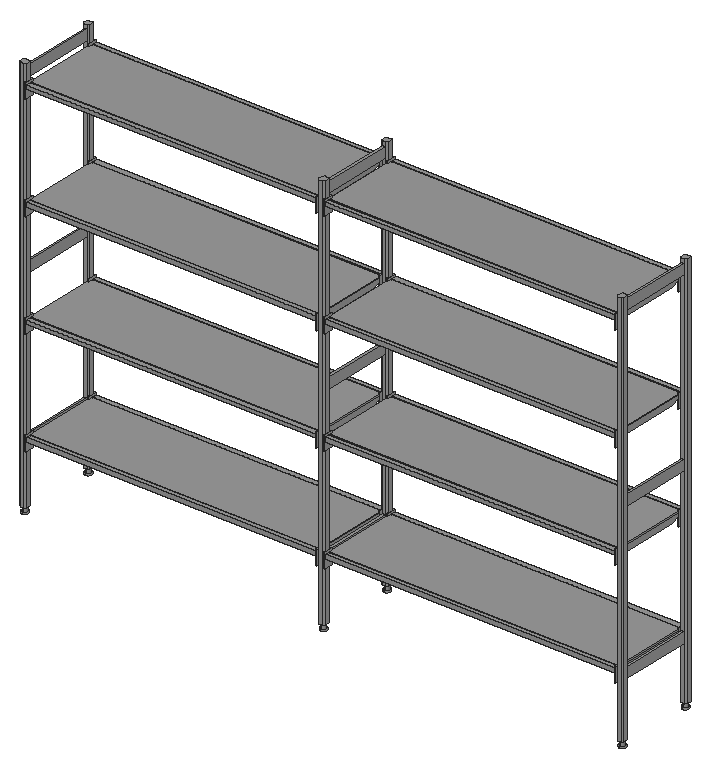
Revit family "QF_ZANUSSI_137027_ALS2580", category Attrezzature speciali, Revit 2020
Family settings
  Quota connettore circolare = Usa diametro
  Tipo di parte = Normale
  Basato su piano di lavoro = No
  Sempre verticale = Sì
  Taglio con vuoti quando caricato = No
  Condiviso = No
  Punto di calcolo locali = No
Parameters (values of type "Standard")
  Weight = 41.00 kg
  Watts = 0 W
  Volts = 0 V
  URL Manufacturer = "http://www.zanussiprofessional.com"
  URL = "http://www.zanussiprofessional.com"
  Steam Supply Size = 0 mm
  Steam Supply Minimum Pressure = 0.0 Pa
  Steam Supply Maximum Pressure = 0.0 Pa
  Steam Consumption per Hour = 0
  Refrigeration Suction Line Size = 0.0 mm
  Refrigeration Liquid Line Size = 0.0 mm
  Refrigerant Compressor Remote = yes
  Prospetto di default = 0.0 mm
  Phase = 0
  Modello = "ALS2580"
  Produttore = "Zanussi"
  Length Actual = 2580.0 mm  # constant formula
  Item Number = "137027"
  Hot Water Size = 0 mm
  Height Actual = 1700.0 mm  # constant formula
  HP = "0 HP"
  Gas Size = 0 mm
  Gas KW = 0
  Gas Input Pressure = 0 W
  Direct Waste Size = 0 mm
  Descrizione = "ALUM.LINEAR SHELV.-POLY.TIERS-373X2580MM"
  Depth Actual = 373.0 mm  # constant formula
  Cycle = 0 Hz
  Condensate Return Size = 0 mm
  Compressed Air Volume = 0.0 L/s
  Compressed Air Size = 0 mm
  Compressed Air Pressure = 0.0 Pa
  Cold Water Size = 0 mm
  Accessory = yes
Reference planes
  plane 1: z = 0
  plane 2 "CenterLeft": x = -31
  plane 3 "LEFT": x = -417
  plane 4 "BACK": y = 23
  plane 5 "FRONT": y = -350
  plane 6 "TOP": z = 1700
  plane 7: x = -385
  plane 8: x = 855
  plane 9 "Center (Front/Back)": y = -163.5
  plane 10: y = -8.5
  plane 11: y = -318.5
  plane 12 "FEET": z = 25
  plane 13: z = 275
  plane 14: z = 725
  plane 15: z = 1175
  plane 16: z = 1625
  plane 17 "CXLeft": x = -403
  plane 18 "Center (Left/Right)": x = 873
  plane 19: y = 5.5
  plane 20 "CYBack": y = 5.5
  plane 21 "CYFront": y = -332.5
  plane 22 "RIGHT": x = 2163
  plane 23: x = 2131
  plane 24 "CXRight": x = 2149
  plane 25: x = 891
Forms (mm)
  Extrusion 1, solid, material "QF_Aluminum"
    sketch origin (-417, 0, -4.006) x (0, 1, 0) y (0, 0, 1)
      loop
        line (-12, 1637.003) -> (4, 1637.003) -> (4, 1655) -> (2.007, 1655) -> (2.007, 1648.501) -> (-329, 1648.501) -> (-329, 1655) -> (-331, 1655) -> (-331, 1637.003) -> (-315, 1637.003) -> (-281, 1625) -> (-46, 1625) -> (-12, 1637.003)
      loop
        line (-12, 1187.003) -> (4, 1187.003) -> (4, 1205) -> (2.007, 1205) -> (2.007, 1198.501) -> (-329, 1198.501) -> (-329, 1205) -> (-331, 1205) -> (-331, 1187.003) -> (-315, 1187.003) -> (-281, 1175) -> (-46, 1175) -> (-12, 1187.003)
      loop
        line (-12, 737.003) -> (4, 737.003) -> (4, 755) -> (2.007, 755) -> (2.007, 748.501) -> (-329, 748.501) -> (-329, 755) -> (-331, 755) -> (-331, 737.003) -> (-315, 737.003) -> (-281, 725) -> (-46, 725) -> (-12, 737.003)
      loop
        line (-12, 287.003) -> (4, 287.003) -> (4, 305) -> (2.007, 305) -> (2.007, 298.501) -> (-329, 298.501) -> (-329, 305) -> (-331, 305) -> (-331, 287.003) -> (-315, 287.003) -> (-281, 275) -> (-46, 275) -> (-12, 287.003)
    from 37 to 32
  Extrusion 2, solid, material "QF_Aluminum"
    sketch origin (-417, 0, 0) x (0, 1, 0) y (0, 0, 1)
      loop
        line (23, 246.005) -> (23, 307.993) -> (-12.993, 307.993) -> (-12.993, 246.005) -> (23, 246.005)
      loop
        line (-350, 246.005) -> (-314.007, 246.005) -> (-314.007, 307.993) -> (-350, 307.993) -> (-350, 246.005)
      loop
        line (23, 696.005) -> (23, 757.993) -> (-12.993, 757.993) -> (-12.993, 696.005) -> (23, 696.005)
      loop
        line (-350, 696.005) -> (-314.007, 696.005) -> (-314.007, 757.993) -> (-350, 757.993) -> (-350, 696.005)
      loop
        line (23, 1146.005) -> (23, 1207.993) -> (-12.993, 1207.993) -> (-12.993, 1146.005) -> (23, 1146.005)
      loop
        line (-350, 1146.005) -> (-314.007, 1146.005) -> (-314.007, 1207.993) -> (-350, 1207.993) -> (-350, 1146.005)
      loop
        line (23, 1596.005) -> (23, 1657.993) -> (-12.993, 1657.993) -> (-12.993, 1596.005) -> (23, 1596.005)
      loop
        line (-350, 1596.005) -> (-314.007, 1596.005) -> (-314.007, 1657.993) -> (-350, 1657.993) -> (-350, 1596.005)
    from 28 to 32
  Extrusion 3, solid, material "QF_Aluminum"
    sketch origin (-417, 0, 0) x (0, 1, 0) y (0, 0, 1)
      loop
        line (4, 1650.994) -> (4, 1632.998) -> (23, 1632.998) -> (23, 1650.994) -> (4, 1650.994)
      loop
        line (-331, 1650.994) -> (-350, 1650.994) -> (-350, 1632.998) -> (-331, 1632.998) -> (-331, 1650.994)
      loop
        line (4, 1200.994) -> (4, 1182.998) -> (23, 1182.998) -> (23, 1200.994) -> (4, 1200.994)
      loop
        line (-331, 1200.994) -> (-350, 1200.994) -> (-350, 1182.998) -> (-331, 1182.998) -> (-331, 1200.994)
      loop
        line (4, 750.994) -> (4, 732.998) -> (23, 732.998) -> (23, 750.994) -> (4, 750.994)
      loop
        line (-331, 750.994) -> (-350, 750.994) -> (-350, 732.998) -> (-331, 732.998) -> (-331, 750.994)
      loop
        line (4, 300.994) -> (4, 282.998) -> (23, 282.998) -> (23, 300.994) -> (4, 300.994)
      loop
        line (-331, 300.994) -> (-350, 300.994) -> (-350, 282.998) -> (-331, 282.998) -> (-331, 300.994)
    from 32 to 1272
  Extrusion 4, solid, material "QF_Polyethylene"
    sketch origin (-417, 0, 0) x (0, 1, 0) y (0, 0, 1)
      loop
        line (2.007, 1650.994) -> (-329, 1650.994) -> (-329, 1644.496) -> (2.007, 1644.496) -> (2.007, 1650.994)
      loop
        line (2.007, 1200.994) -> (-329, 1200.994) -> (-329, 1194.496) -> (2.007, 1194.496) -> (2.007, 1200.994)
      loop
        line (2.007, 750.994) -> (-329, 750.994) -> (-329, 744.496) -> (2.007, 744.496) -> (2.007, 750.994)
      loop
        line (2.007, 300.994) -> (-329, 300.994) -> (-329, 294.496) -> (2.007, 294.496) -> (2.007, 300.994)
    from 32 to 1272
  Extrusion 5, solid, material "QF_Aluminum"
    sketch origin (2163, 0, 0) x (0, 1, 0) y (0, 0, 1)
      loop
        line (4, 1650.994) -> (4, 1632.998) -> (23, 1632.998) -> (23, 1650.994) -> (4, 1650.994)
      loop
        line (-331, 1650.994) -> (-350, 1650.994) -> (-350, 1632.998) -> (-331, 1632.998) -> (-331, 1650.994)
      loop
        line (4, 1200.994) -> (4, 1182.998) -> (23, 1182.998) -> (23, 1200.994) -> (4, 1200.994)
      loop
        line (-331, 1200.994) -> (-350, 1200.994) -> (-350, 1182.998) -> (-331, 1182.998) -> (-331, 1200.994)
      loop
        line (4, 750.994) -> (4, 732.998) -> (23, 732.998) -> (23, 750.994) -> (4, 750.994)
      loop
        line (-331, 750.994) -> (-350, 750.994) -> (-350, 732.998) -> (-331, 732.998) -> (-331, 750.994)
      loop
        line (4, 300.994) -> (4, 282.998) -> (23, 282.998) -> (23, 300.994) -> (4, 300.994)
      loop
        line (-331, 300.994) -> (-350, 300.994) -> (-350, 282.998) -> (-331, 282.998) -> (-331, 300.994)
    from -32 to -1272
  Extrusion 6, solid, material "QF_Polyethylene"
    sketch origin (2163, 0, 0) x (0, 1, 0) y (0, 0, 1)
      loop
        line (2.007, 1650.994) -> (-329, 1650.994) -> (-329, 1644.496) -> (2.007, 1644.496) -> (2.007, 1650.994)
      loop
        line (2.007, 1200.994) -> (-329, 1200.994) -> (-329, 1194.496) -> (2.007, 1194.496) -> (2.007, 1200.994)
      loop
        line (2.007, 750.994) -> (-329, 750.994) -> (-329, 744.496) -> (2.007, 744.496) -> (2.007, 750.994)
      loop
        line (2.007, 300.994) -> (-329, 300.994) -> (-329, 294.496) -> (2.007, 294.496) -> (2.007, 300.994)
    from -32 to -1272
Lines and regions (mm)
  symbolic lines
    curve 1: line (855, 4, 1700) -> (-385, 4, 1700)
    curve 2: line (-408, -8.5, 1700) -> (-408, -318.5, 1700)
    curve 3: line (-398, -318.5, 1700) -> (-398, -8.5, 1700)
    curve 4: line (-389, 23, 1700) -> (859, 23, 1700)
    curve 5: line (-385, -350, 1700) -> (855, -350, 1700)
    curve 6: line (887, 23, 1700) -> (2135, 23, 1700)
    curve 7: line (887, -350, 1700) -> (2135, -350, 1700)
    curve 8: line (-385, -331, 1700) -> (855, -331, 1700)
    curve 9: line (891, -331, 1700) -> (2131, -331, 1700)
    curve 10: line (891, 4, 1700) -> (2131, 4, 1700)
    curve 11: line (2131, -12.993, 1700) -> (2131, -314.007, 1700)
    curve 12: line (855, -12.993, 1700) -> (855, -314.007, 1700)
    curve 13: line (891, -314.007, 1700) -> (891, -12.993, 1700)
    curve 14: line (-385, -12.993, 1700) -> (-385, -314.007, 1700)
Dimensions and locks
  plane 3 "LEFT" to plane 2 "CenterLeft" = 386.0 mm
  locked: plane 6 "TOP" to level at 1700
  locked: plane 4 "BACK" to plane 5 "FRONT" at 373
  locked: plane 7 to plane 8 at 1240
  locked: plane 10 to plane 11 at 310
  equal spacing: plane 10, plane 9 "Center (Front/Back)", plane 11
  equal spacing: plane 4 "BACK", plane 9 "Center (Front/Back)", plane 5 "FRONT"
  plane 12 "FEET" to level = 25.0 mm
  plane 6 "TOP" to plane 12 "FEET" = 1675.0 mm
  plane 13 to plane 12 "FEET" = 250.0 mm
  plane 14 to plane 13 = 450.0 mm
  plane 15 to plane 14 = 450.0 mm
  plane 16 to plane 15 = 450.0 mm
  locked: plane 4 "BACK" to plane 20 "CYBack" at 17.5
  locked: plane 21 "CYFront" to plane 5 "FRONT" at 17.5
  locked: plane 4 "BACK" to Extrusion 1 at 19
  locked: Extrusion 1 to plane 5 "FRONT" at 19
  Extrusion 1 sketch curve to plane 21 "CYFront" = 3.5 mm
  plane 3 "LEFT" to plane 22 "RIGHT" = 2580.0 mm
  locked: plane 25 to plane 23 at 1240
  locked: plane 8 to plane 18 "Center (Left/Right)" at 18
  locked: plane 18 "Center (Left/Right)" to plane 25 at 18
  locked: plane 3 "LEFT" to plane 7 at 32
  locked: plane 24 "CXRight" to plane 22 "RIGHT" at 14
  aligned and locked: level to plane 1
  aligned and locked: plane 7 to Extrusion 1
  aligned and locked: Extrusion 2 to plane 7
  aligned and locked: plane 7 to Extrusion 4
  aligned and locked: Extrusion 4 to plane 8
  aligned and locked: plane 7 to Extrusion 3
  aligned and locked: Extrusion 3 to plane 8
  aligned and locked: Extrusion 3 sketch curve to Extrusion 1
  aligned and locked: Extrusion 1 to Extrusion 3 sketch curve
  aligned and locked: Extrusion 3 sketch curve to Extrusion 3 sketch curve  (x2)
  aligned and locked: Extrusion 1 sketch curve to Extrusion 1 sketch curve  (x3)
  aligned and locked: Extrusion 4 sketch curve to Extrusion 1  (x4)
  aligned and locked: Extrusion 5 sketch curve to Extrusion 5 sketch curve  (x2)
  aligned and locked: Extrusion 5 to plane 25
  aligned and locked: Extrusion 6 to plane 25
  aligned and locked: plane 18 "Center (Left/Right)" to nested 3
  aligned and locked: plane 17 "CXLeft" to nested 1
  aligned and locked: Extrusion 3 to plane 7  (x3)
  aligned and locked: plane 8 to Extrusion 3  (x4)
  aligned and locked: plane 25 to Extrusion 5  (x4)
  aligned and locked: plane 25 to Extrusion 6  (x4)
  aligned and locked: plane 8 to Extrusion 4  (x4)
  aligned and locked: plane 24 "CXRight" to nested 2
  aligned and locked: Extrusion 5 to plane 23
  aligned and locked: Extrusion 6 to plane 23
  aligned and locked: plane 23 to Extrusion 5  (x3)
  aligned and locked: plane 23 to Extrusion 6  (x3)
Automatic sketch dimensions
  plane 21 "CYFront" to Extrusion 1 sketch curve = 1.5 mm  (x4)
  plane 11 to Extrusion 1 sketch curve = 3.5 mm  (x4)
  Extrusion 1 sketch curve to plane 13 = 4.006 mm
  Extrusion 1 sketch curve to Extrusion 1 sketch curve = 34.0 mm  (x4)
  Extrusion 1 sketch curve to plane 14 = 4.006 mm
  Extrusion 1 sketch curve to plane 15 = 4.006 mm
  Extrusion 1 sketch curve to plane 16 = 4.006 mm
  Extrusion 1 sketch curve to plane 10 = 37.5 mm  (x4)
  Extrusion 1 sketch curve to plane 10 = 3.5 mm  (x4)
  plane 19 to Extrusion 1 sketch curve = 3.493 mm  (x4)
  plane 19 to Extrusion 1 sketch curve = 1.5 mm  (x4)
  plane 13 to Extrusion 1 sketch curve = 7.998 mm  (x2)
  Extrusion 1 sketch curve to Extrusion 1 sketch curve = 11.498 mm  (x4)
  Extrusion 1 sketch curve to Extrusion 1 sketch curve = 6.499 mm  (x8)
  plane 14 to Extrusion 1 sketch curve = 7.998 mm  (x2)
  plane 15 to Extrusion 1 sketch curve = 7.998 mm  (x2)
  plane 16 to Extrusion 1 sketch curve = 7.998 mm  (x2)
  Extrusion 2 sketch curve to plane 5 "FRONT" = 0.0 mm  (x4)
  Extrusion 2 sketch curve to plane 4 "BACK" = 0.0 mm  (x4)
  plane 11 to Extrusion 2 sketch curve = 4.493 mm  (x4)
  Extrusion 2 sketch curve to plane 10 = 4.493 mm  (x4)
  Extrusion 2 sketch curve to plane 13 = 28.995 mm  (x2)
  plane 13 to Extrusion 2 sketch curve = 32.993 mm  (x2)
  Extrusion 2 sketch curve to plane 14 = 28.995 mm  (x2)
  plane 14 to Extrusion 2 sketch curve = 32.993 mm  (x2)
  Extrusion 2 sketch curve to plane 15 = 28.995 mm  (x2)
  plane 15 to Extrusion 2 sketch curve = 32.993 mm  (x2)
  Extrusion 2 sketch curve to plane 16 = 28.995 mm  (x2)
  plane 16 to Extrusion 2 sketch curve = 32.993 mm  (x2)
  Extrusion 3 sketch curve to plane 5 "FRONT" = 0.0 mm  (x4)
  Extrusion 3 sketch curve to plane 4 "BACK" = 0.0 mm  (x4)
  plane 19 to Extrusion 3 sketch curve = 1.5 mm  (x4)
  plane 13 to Extrusion 3 sketch curve = 7.998 mm  (x2)
  Extrusion 3 sketch curve to Extrusion 3 sketch curve = 17.997 mm  (x8)
  plane 14 to Extrusion 3 sketch curve = 7.998 mm  (x2)
  plane 15 to Extrusion 3 sketch curve = 7.998 mm  (x2)
  plane 16 to Extrusion 3 sketch curve = 7.998 mm  (x2)
  plane 19 to Extrusion 4 sketch curve = 3.493 mm  (x4)
  plane 13 to Extrusion 4 sketch curve = 19.496 mm
  Extrusion 4 sketch curve to Extrusion 4 sketch curve = 6.499 mm  (x4)
  plane 14 to Extrusion 4 sketch curve = 19.496 mm
  plane 15 to Extrusion 4 sketch curve = 19.496 mm
  plane 16 to Extrusion 4 sketch curve = 19.496 mm
  Extrusion 5 sketch curve to plane 5 "FRONT" = 0.0 mm  (x4)
  Extrusion 5 sketch curve to plane 4 "BACK" = 0.0 mm  (x4)
  plane 21 "CYFront" to Extrusion 5 sketch curve = 1.5 mm  (x2)
  plane 19 to Extrusion 5 sketch curve = 1.5 mm  (x4)
  plane 13 to Extrusion 5 sketch curve = 7.998 mm  (x2)
  Extrusion 5 sketch curve to Extrusion 5 sketch curve = 17.997 mm  (x8)
  plane 14 to Extrusion 5 sketch curve = 7.998 mm  (x2)
  plane 15 to Extrusion 5 sketch curve = 7.998 mm  (x2)
  plane 16 to Extrusion 5 sketch curve = 7.998 mm  (x2)
  plane 21 "CYFront" to Extrusion 6 sketch curve = 3.5 mm  (x4)
  plane 19 to Extrusion 6 sketch curve = 3.493 mm  (x4)
  plane 13 to Extrusion 6 sketch curve = 19.496 mm
  Extrusion 6 sketch curve to Extrusion 6 sketch curve = 6.499 mm  (x4)
  plane 14 to Extrusion 6 sketch curve = 19.496 mm
  plane 15 to Extrusion 6 sketch curve = 19.496 mm
  plane 16 to Extrusion 6 sketch curve = 19.496 mm
  curve 7 to plane 5 "FRONT" = 0.0 mm
  curve 5 to plane 5 "FRONT" = 0.0 mm
  curve 8 to plane 8 = 0.0 mm
  curve 9 to plane 25 = 0.0 mm
  curve 9 to plane 23 = 0.0 mm
  curve 8 to plane 7 = 0.0 mm
  curve 2 to plane 11 = 0.0 mm
  curve 3 to plane 11 = 0.0 mm
  curve 14 to plane 7 = 0.0 mm
  curve 13 to plane 25 = 0.0 mm
  curve 12 to plane 8 = 0.0 mm
  curve 11 to plane 23 = 0.0 mm
  curve 3 to plane 10 = 0.0 mm
  curve 2 to plane 10 = 0.0 mm
  curve 1 to plane 8 = 0.0 mm
  curve 1 to plane 7 = 0.0 mm
  curve 10 to plane 23 = 0.0 mm
  curve 10 to plane 25 = 0.0 mm
  curve 4 to plane 4 "BACK" = 0.0 mm
  curve 6 to plane 4 "BACK" = 0.0 mm
  curve 5 to plane 8 = 0.0 mm
  curve 5 to plane 7 = 0.0 mm
  plane 21 "CYFront" to curve 8 = 1.5 mm
  plane 21 "CYFront" to curve 9 = 1.5 mm
  plane 11 to curve 14 = 4.493 mm
  plane 11 to curve 13 = 4.493 mm
  plane 11 to curve 12 = 4.493 mm
  plane 11 to curve 11 = 4.493 mm
  curve 14 to plane 10 = 4.493 mm
  curve 13 to plane 10 = 4.493 mm
  curve 12 to plane 10 = 4.493 mm
  curve 11 to plane 10 = 4.493 mm
  plane 19 to curve 1 = 1.5 mm
  plane 19 to curve 10 = 1.5 mm
  curve 6 to plane 23 = 4.0 mm
  curve 7 to plane 23 = 4.0 mm
  curve 6 to plane 25 = 4.0 mm
  curve 7 to plane 25 = 4.0 mm
  curve 4 to plane 8 = 4.0 mm
  plane 7 to curve 4 = 4.0 mm
  plane 17 "CXLeft" to curve 3 = 5.0 mm
  curve 2 to plane 17 "CXLeft" = 5.0 mm
Nested families
  nested 1: "WT_Anta373" at (0, 0, 0), type "WT_Anta373"
  nested 2: "WT_Anta373" at (1746, 0, 0) x (-1, 0, 0) z (0, 0, 1), type "WT_Anta373"
  nested 3: "WT_Anta373Center" at (1276, 0, 0), type "WT_Anta373Center"
Definition of nested family "WT_Anta373"
  Parameters
    WidthLeft = A + 64.0 mm  # 772.0 mm
    Width = 1606.0 mm
    Right = WidthLeft / 2  # 386.0 mm
    Default Elevation = 0.0 mm
    Left = -WidthLeft / 2  # -386.0 mm
    Height = 1725.0 mm
    FEET = 25.0 mm
    E = 0.0 mm
    Dint = Depth - 63.0 mm  # 310.0 mm
    Dext = Depth - 8.0 mm  # 365.0 mm
    Depth = 373.0 mm
    DX = (WidthLeft - A) / 2  # 32.0 mm
    B = 798.0 mm
    A = 708.0 mm
  Reference planes
    plane 1: z = 0
    plane 2 "LEFT": x = -417
    plane 3 "BACK": y = 23
    plane 4 "FRONT": y = -350
    plane 5 "TOP": z = 1725
    plane 6 "Center (Front/Back)": y = -163.5
    plane 7: y = -8.5
    plane 8: y = -318.5
    plane 9 "FEET": z = 25
    plane 10: z = 275
    plane 11: z = 725
    plane 12: z = 1175
    plane 13: z = 1625
    plane 14 "CXLeft": x = -403
    plane 15: y = 5.5
    plane 16 "CYBack": y = 5.5
    plane 17 "CYFront": y = -332.5
    plane 18: x = -385.031
    plane 19: x = -380.031
  Forms (mm)
    Extrusion 1, solid
      sketch origin (0, 0, 0) x (1, 0, 0) y (0, 1, 0)
        loop
          line (-417, 13.246) -> (-417, -2.246) -> (-410.746, -8.5) -> (-395.254, -8.5) -> (-389, -2.246) -> (-389, 13.246) -> (-395.254, 19.5) -> (-410.746, 19.5) -> (-417, 13.246)
      from 1725 to 25
    Extrusion 2, solid
      sketch origin (-417, 0, 0) x (0, 1, 0) y (0, 0, 1)
        loop
          line (23, 246.005) -> (23, 307.993) -> (-12.993, 307.993) -> (-12.993, 246.005) -> (23, 246.005)
        loop
          line (-350, 246.005) -> (-314.007, 246.005) -> (-314.007, 307.993) -> (-350, 307.993) -> (-350, 246.005)
        loop
          line (23, 696.005) -> (23, 757.993) -> (-12.993, 757.993) -> (-12.993, 696.005) -> (23, 696.005)
        loop
          line (-350, 696.005) -> (-314.007, 696.005) -> (-314.007, 757.993) -> (-350, 757.993) -> (-350, 696.005)
        loop
          line (23, 1146.005) -> (23, 1207.993) -> (-12.993, 1207.993) -> (-12.993, 1146.005) -> (23, 1146.005)
        loop
          line (-350, 1146.005) -> (-314.007, 1146.005) -> (-314.007, 1207.993) -> (-350, 1207.993) -> (-350, 1146.005)
        loop
          line (23, 1596.005) -> (23, 1657.993) -> (-12.993, 1657.993) -> (-12.993, 1596.005) -> (23, 1596.005)
        loop
          line (-350, 1596.005) -> (-314.007, 1596.005) -> (-314.007, 1657.993) -> (-350, 1657.993) -> (-350, 1596.005)
      from 28 to 32
    Revolve 3, solid
      sketch origin (-403, 0, 0) x (0, 1, 0) y (0, 0, 1)
        loop
          line (5.5, 25) -> (5.5, 0) -> (19, 0) -> (19, 5) -> (14, 5) -> (14, 25) -> (5.5, 25)
        axis (5.5, 25) -> (5.5, 0)
      angle from 0 to 360
    Extrusion 4, solid
      sketch origin (-403, 0, 0) x (0, 1, 0) y (0, 0, 1)
        loop
          line (-8.5, 912.382) -> (-8.5, 957.374) -> (-318.5, 957.374) -> (-318.5, 912.382) -> (-8.5, 912.382)
        loop
          line (-8.5, 1662.244) -> (-8.5, 1707.236) -> (-318.5, 1707.236) -> (-318.5, 1662.244) -> (-8.5, 1662.244)
      from -5 to 5
    Revolve 5, solid
      sketch origin (-403, -627, 0) x (0, -1, 0) y (0, 0, 1)
        loop
          line (-294.5, 25) -> (-294.5, 0) -> (-281, 0) -> (-281, 5) -> (-286, 5) -> (-286, 25) -> (-294.5, 25)
        axis (-294.5, 25) -> (-294.5, 0)
      angle from 0 to 360
    Extrusion 6, solid
      sketch origin (0, -627, 0) x (1, 0, 0) y (0, 1, 0)
        loop
          line (-417, 286.754) -> (-410.746, 280.5) -> (-395.254, 280.5) -> (-389, 286.754) -> (-389, 302.246) -> (-395.254, 308.5) -> (-410.746, 308.5) -> (-417, 302.246) -> (-417, 286.754)
      from 1725 to 25
    Extrusion 7, solid
      sketch origin (-417.031, -0.022, 0) x (0, 1, 0) y (0, 0, -1)
        loop
          line (-12, -1632.998) -> (-46, -1620.994) -> (-281, -1620.994) -> (-315, -1632.998) -> (-331, -1632.998) -> (-331, -1650.994) -> (-329, -1650.994) -> (-329, -1644.496) -> (2.007, -1644.496) -> (2.007, -1650.994) -> (4, -1650.994) -> (4, -1632.998) -> (-12, -1632.998)
        loop
          line (-12, -1182.998) -> (-46, -1170.994) -> (-281, -1170.994) -> (-315, -1182.998) -> (-331, -1182.998) -> (-331, -1200.994) -> (-329, -1200.994) -> (-329, -1194.496) -> (2.007, -1194.496) -> (2.007, -1200.994) -> (4, -1200.994) -> (4, -1182.998) -> (-12, -1182.998)
        loop
          line (-12, -732.998) -> (-46, -720.994) -> (-281, -720.994) -> (-315, -732.998) -> (-331, -732.998) -> (-331, -750.994) -> (-329, -750.994) -> (-329, -744.496) -> (2.007, -744.496) -> (2.007, -750.994) -> (4, -750.994) -> (4, -732.998) -> (-12, -732.998)
        loop
          line (-12, -282.998) -> (-46, -270.994) -> (-281, -270.994) -> (-315, -282.998) -> (-331, -282.998) -> (-331, -300.994) -> (-329, -300.994) -> (-329, -294.496) -> (2.007, -294.496) -> (2.007, -300.994) -> (4, -300.994) -> (4, -282.998) -> (-12, -282.998)
      from -32 to -37
    Extrusion 8, solid
      sketch origin (-403, 0, -659.878) x (0, 1, 0) y (0, 0, 1)
        loop
          line (-8.5, 912.382) -> (-8.5, 957.374) -> (-318.5, 957.374) -> (-318.5, 912.382) -> (-8.5, 912.382)
        loop
          line (-8.5, 1572.382) -> (-8.5, 1617.374) -> (-318.5, 1617.374) -> (-318.5, 1572.382) -> (-8.5, 1572.382)
        loop
          line (-8.5, 2322.382) -> (-8.5, 2367.374) -> (-318.5, 2367.374) -> (-318.5, 2322.382) -> (-8.5, 2322.382)
      from -5 to 5
  Lines and regions (mm)
    symbolic lines
      curve 1: line (-408, -8.5, 1725) -> (-408, -318.5, 1725)
      curve 2: line (-398, -318.5, 1725) -> (-398, -8.5, 1725)
      curve 3: line (-395.254, -8.5, 1725) -> (-410.746, -8.5, 1725)
      curve 4: line (-417, -2.246, 1725) -> (-410.746, -8.5, 1725)
      curve 5: line (-417, 13.246, 1725) -> (-417, -2.246, 1725)
      curve 6: line (-410.746, 19.5, 1725) -> (-417, 13.246, 1725)
      curve 7: line (-395.254, 19.5, 1725) -> (-410.746, 19.5, 1725)
      curve 8: line (-389, 13.246, 1725) -> (-395.254, 19.5, 1725)
      curve 9: line (-395.254, -8.5, 1725) -> (-389, -2.246, 1725)
      curve 10: line (-395.254, -318.5, 1725) -> (-410.746, -318.5, 1725)
      curve 11: line (-417, -324.754, 1725) -> (-410.746, -318.5, 1725)
      curve 12: line (-410.746, -346.5, 1725) -> (-417, -340.246, 1725)
      curve 13: line (-395.254, -346.5, 1725) -> (-410.746, -346.5, 1725)
      curve 14: line (-389, -340.246, 1725) -> (-395.254, -346.5, 1725)
      curve 15: line (-395.254, -318.5, 1725) -> (-389, -324.754, 1725)
      curve 16: line (-389, -350, 1725) -> (-389, -314.007, 1725)
      curve 17: line (-389, -314.007, 1725) -> (-385, -314.007, 1725)
      curve 18: line (-389, 23, 1725) -> (-389, -12.993, 1725)
      curve 19: line (-389, -12.993, 1725) -> (-385, -12.993, 1725)
      curve 20: line (-417, -324.754, 1725) -> (-417, -340.246, 1725)
      curve 21: line (-385, -350, 1725) -> (-385, -314.007, 1725)
      curve 22: line (-385, -350, 1725) -> (-389, -350, 1725)
      curve 23: line (-385, 23, 1725) -> (-389, 23, 1725)
      curve 24: line (-385, -12.993, 1725) -> (-385, 23, 1725)
      curve 25: line (-385.031, -13.016, 1725) -> (-385.031, -314.029, 1725)
  Dimensions and locks
    "Height": plane 5 "TOP" to level
    "Depth": plane 3 "BACK" to plane 4 "FRONT"
    "Dint": plane 7 to plane 8
    equal spacing: plane 7, plane 6 "Center (Front/Back)", plane 8
    equal spacing: plane 3 "BACK", plane 6 "Center (Front/Back)", plane 4 "FRONT"
    plane 9 "FEET" to level = 25.0 mm
    plane 5 "TOP" to plane 9 "FEET" = 1700.0 mm
    plane 10 to plane 9 "FEET" = 250.0 mm
    plane 11 to plane 10 = 450.0 mm
    plane 12 to plane 11 = 450.0 mm
    plane 13 to plane 12 = 450.0 mm
    locked: plane 2 "LEFT" to plane 14 "CXLeft" at 14
    locked: plane 3 "BACK" to plane 16 "CYBack" at 17.5
    locked: plane 17 "CYFront" to plane 4 "FRONT" at 17.5
    locked: Revolve 3 sketch curve to Revolve 3 sketch curve at 8.5
    locked: Revolve 3 sketch curve to plane 16 "CYBack" at 13.5
    locked: Revolve 5 sketch curve to Revolve 5 sketch curve at 8.5
    aligned and locked: level to plane 1
    aligned and locked: curve 20 to Extrusion 6
    aligned and locked: plane 5 "TOP" to Extrusion 1
    aligned and locked: plane 5 "TOP" to Extrusion 6
    aligned and locked: Extrusion 7 sketch curve to Extrusion 7 sketch curve  (x3)
  Automatic sketch dimensions
    curve 16 to plane 4 "FRONT" = 0.0 mm
    curve 11 to plane 8 = 0.0 mm
    curve 9 to plane 7 = 0.0 mm
    curve 5 to plane 2 "LEFT" = 0.0 mm
    curve 23 to plane 3 "BACK" = 0.0 mm
    plane 4 "FRONT" to curve 13 = 3.5 mm
    curve 20 to plane 17 "CYFront" = 7.746 mm
    curve 20 to plane 8 = 6.254 mm
    plane 8 to curve 16 = 4.493 mm
    curve 24 to plane 18 = 0.031 mm
    curve 24 to plane 7 = 4.493 mm
    plane 7 to curve 5 = 6.254 mm
    curve 5 to plane 15 = 7.746 mm
    curve 6 to plane 3 "BACK" = 3.5 mm
    curve 21 to plane 18 = 0.031 mm
    plane 18 to curve 23 = 3.969 mm
    plane 18 to curve 16 = 3.969 mm
    curve 18 to curve 8 = 6.254 mm
    curve 18 to curve 3 = 6.254 mm
    curve 16 to curve 13 = 6.254 mm
    curve 16 to curve 15 = 6.254 mm
    plane 2 "LEFT" to curve 10 = 6.254 mm
    plane 2 "LEFT" to curve 7 = 6.254 mm
    plane 2 "LEFT" to curve 12 = 6.254 mm
    plane 2 "LEFT" to curve 3 = 6.254 mm
    curve 14 to plane 17 "CYFront" = 7.746 mm
    curve 15 to plane 8 = 6.254 mm
    plane 7 to curve 9 = 6.254 mm
    curve 8 to plane 15 = 7.746 mm
    curve 3 to curve 2 = 2.746 mm
    curve 1 to curve 10 = 2.746 mm
    Extrusion 1 sketch curve to plane 2 "LEFT" = 0.0 mm
    Extrusion 1 sketch curve to plane 7 = 0.0 mm
    plane 2 "LEFT" to Extrusion 1 sketch curve = 6.254 mm  (x2)
    plane 14 "CXLeft" to Extrusion 1 sketch curve = 7.746 mm  (x2)
    Extrusion 1 sketch curve to plane 3 "BACK" = 3.5 mm
    plane 18 to Extrusion 1 sketch curve = 3.969 mm
    plane 7 to Extrusion 1 sketch curve = 6.254 mm  (x2)
    Extrusion 1 sketch curve to plane 15 = 7.746 mm  (x2)
    Extrusion 2 sketch curve to plane 4 "FRONT" = 0.0 mm  (x4)
    Extrusion 2 sketch curve to plane 3 "BACK" = 0.0 mm  (x4)
    plane 8 to Extrusion 2 sketch curve = 4.493 mm  (x4)
    Extrusion 2 sketch curve to plane 7 = 4.493 mm  (x4)
    Extrusion 2 sketch curve to plane 10 = 28.995 mm  (x2)
    plane 10 to Extrusion 2 sketch curve = 32.993 mm  (x2)
    Extrusion 2 sketch curve to plane 11 = 28.995 mm  (x2)
    plane 11 to Extrusion 2 sketch curve = 32.993 mm  (x2)
    Extrusion 2 sketch curve to plane 12 = 28.995 mm  (x2)
    plane 12 to Extrusion 2 sketch curve = 32.993 mm  (x2)
    Extrusion 2 sketch curve to plane 13 = 28.995 mm  (x2)
    plane 13 to Extrusion 2 sketch curve = 32.993 mm  (x2)
    Revolve 3 sketch curve to plane 9 "FEET" = 0.0 mm  (x2)
    Revolve 3 sketch curve to plane 15 = 0.0 mm  (x2)
    Revolve 3 sketch curve to level = 0.0 mm
    level to Revolve 3 sketch curve = 5.0 mm
    Revolve 3 sketch curve to Revolve 3 sketch curve = 11.655 mm
    Extrusion 4 sketch curve to plane 8 = 0.0 mm  (x2)
    Extrusion 4 sketch curve to plane 7 = 0.0 mm  (x2)
    plane 11 to Extrusion 4 sketch curve = 187.382 mm
    Extrusion 4 sketch curve to Extrusion 4 sketch curve = 44.992 mm
    plane 13 to Extrusion 4 sketch curve = 37.244 mm
    Extrusion 4 sketch curve to plane 5 "TOP" = 17.764 mm
    Revolve 5 sketch curve to plane 9 "FEET" = 0.0 mm  (x2)
    Revolve 5 sketch curve to plane 17 "CYFront" = 0.0 mm  (x2)
    Revolve 5 sketch curve to level = 0.0 mm
    Revolve 5 sketch curve to plane 4 "FRONT" = 4.0 mm
    Revolve 5 sketch curve to Revolve 5 sketch curve = 5.0 mm
    level to Revolve 5 sketch curve = 11.655 mm
    Extrusion 6 sketch curve to plane 2 "LEFT" = 0.0 mm
    Extrusion 6 sketch curve to plane 8 = 0.0 mm
    Extrusion 6 sketch curve to plane 2 "LEFT" = 6.254 mm  (x2)
    Extrusion 6 sketch curve to plane 14 "CXLeft" = 7.746 mm  (x2)
    Extrusion 6 sketch curve to plane 4 "FRONT" = 3.5 mm
    Extrusion 6 sketch curve to plane 18 = 3.969 mm
    plane 8 to Extrusion 6 sketch curve = 6.254 mm  (x2)
    plane 17 "CYFront" to Extrusion 6 sketch curve = 7.746 mm  (x2)
    plane 17 "CYFront" to Extrusion 7 sketch curve = 1.478 mm  (x4)
    Extrusion 7 sketch curve to Extrusion 7 sketch curve = 2.0 mm
    plane 8 to Extrusion 7 sketch curve = 3.478 mm  (x4)
    Extrusion 7 sketch curve to plane 10 = 4.006 mm
    Extrusion 7 sketch curve to Extrusion 7 sketch curve = 34.0 mm  (x4)
    Extrusion 7 sketch curve to plane 11 = 4.006 mm
    Extrusion 7 sketch curve to plane 12 = 4.006 mm
    Extrusion 7 sketch curve to plane 13 = 4.006 mm
    Extrusion 7 sketch curve to plane 7 = 37.522 mm  (x4)
    Extrusion 7 sketch curve to plane 7 = 3.522 mm  (x4)
    plane 15 to Extrusion 7 sketch curve = 3.516 mm  (x4)
    plane 15 to Extrusion 7 sketch curve = 1.522 mm  (x4)
    plane 13 to Extrusion 7 sketch curve = 7.998 mm  (x2)
    Extrusion 7 sketch curve to Extrusion 7 sketch curve = 11.498 mm
    Extrusion 7 sketch curve to Extrusion 7 sketch curve = 6.499 mm  (x5)
    plane 12 to Extrusion 7 sketch curve = 25.994 mm  (x2)
    plane 12 to Extrusion 7 sketch curve = 7.998 mm  (x2)
    plane 11 to Extrusion 7 sketch curve = 25.994 mm  (x2)
    plane 11 to Extrusion 7 sketch curve = 7.998 mm  (x2)
    plane 10 to Extrusion 7 sketch curve = 25.994 mm  (x2)
    plane 10 to Extrusion 7 sketch curve = 7.998 mm  (x2)
    curve 25 to plane 18 = 0.0 mm
    plane 8 to curve 25 = 4.471 mm
    curve 25 to plane 7 = 4.516 mm
    Extrusion 8 sketch curve to plane 8 = 0.0 mm  (x3)
    Extrusion 8 sketch curve to plane 7 = 0.0 mm  (x3)
    Extrusion 8 sketch curve to plane 10 = 22.496 mm
    plane 10 to Extrusion 8 sketch curve = 22.496 mm
    plane 11 to Extrusion 8 sketch curve = 187.504 mm
    Extrusion 8 sketch curve to Extrusion 8 sketch curve = 44.992 mm
    plane 13 to Extrusion 8 sketch curve = 37.504 mm
    Extrusion 8 sketch curve to plane 5 "TOP" = 17.504 mm
Definition of nested family "WT_Anta373Center"
  Parameters
    WidthLeft = A + 64.0 mm  # 772.0 mm
    Width = 1606.0 mm
    Right = WidthLeft / 2  # 386.0 mm
    Default Elevation = 0.0 mm
    Left = -WidthLeft / 2  # -386.0 mm
    Height = 1725.0 mm
    FEET = 25.0 mm
    E = 0.0 mm
    Dint = Depth - 63.0 mm  # 310.0 mm
    Dext = Depth - 8.0 mm  # 365.0 mm
    Depth = 373.0 mm
    DX = (WidthLeft - A) / 2  # 32.0 mm
    B = 798.0 mm
    A = 708.0 mm
  Reference planes
    plane 1: z = 0
    plane 2 "L": x = -417
    plane 3 "BACK": y = 23
    plane 4 "FRONT": y = -350
    plane 5 "TOP": z = 1725
    plane 6 "Center (Front/Back)": y = -163.5
    plane 7: y = -8.5
    plane 8: y = -318.5
    plane 9 "FEET": z = 25
    plane 10: z = 275
    plane 11: z = 725
    plane 12: z = 1175
    plane 13: z = 1625
    plane 14 "CXLeft": x = -403
    plane 15: y = 5.5
    plane 16 "CYBack": y = 5.5
    plane 17 "CYFront": y = -332.5
    plane 18: x = -385.031
    plane 19 "RIGHT": x = -380.031
    plane 20: x = -420.969
    plane 21 "LEFT": x = -425.969
  Forms (mm)
    Extrusion 1, solid
      sketch origin (0, 0, 0) x (1, 0, 0) y (0, 1, 0)
        loop
          line (-417, 13.246) -> (-417, -2.246) -> (-410.746, -8.5) -> (-395.254, -8.5) -> (-389, -2.246) -> (-389, 13.246) -> (-395.254, 19.5) -> (-410.746, 19.5) -> (-417, 13.246)
      from 1725 to 25
    Extrusion 2, solid
      sketch origin (-417, 0, 0) x (0, 1, 0) y (0, 0, 1)
        loop
          line (23, 246.005) -> (23, 307.993) -> (-12.993, 307.993) -> (-12.993, 246.005) -> (23, 246.005)
        loop
          line (-350, 246.005) -> (-314.007, 246.005) -> (-314.007, 307.993) -> (-350, 307.993) -> (-350, 246.005)
        loop
          line (23, 696.005) -> (23, 757.993) -> (-12.993, 757.993) -> (-12.993, 696.005) -> (23, 696.005)
        loop
          line (-350, 696.005) -> (-314.007, 696.005) -> (-314.007, 757.993) -> (-350, 757.993) -> (-350, 696.005)
        loop
          line (23, 1146.005) -> (23, 1207.993) -> (-12.993, 1207.993) -> (-12.993, 1146.005) -> (23, 1146.005)
        loop
          line (-350, 1146.005) -> (-314.007, 1146.005) -> (-314.007, 1207.993) -> (-350, 1207.993) -> (-350, 1146.005)
        loop
          line (23, 1596.005) -> (23, 1657.993) -> (-12.993, 1657.993) -> (-12.993, 1596.005) -> (23, 1596.005)
        loop
          line (-350, 1596.005) -> (-314.007, 1596.005) -> (-314.007, 1657.993) -> (-350, 1657.993) -> (-350, 1596.005)
      from 28 to 32
    Revolve 3, solid
      sketch origin (-403, 0, 0) x (0, 1, 0) y (0, 0, 1)
        loop
          line (5.5, 25) -> (5.5, 0) -> (19, 0) -> (19, 5) -> (14, 5) -> (14, 25) -> (5.5, 25)
        axis (5.5, 25) -> (5.5, 0)
      angle from 0 to 360
    Extrusion 4, solid
      sketch origin (-403, 0, 0) x (0, 1, 0) y (0, 0, 1)
        loop
          line (-8.5, 912.382) -> (-8.5, 957.374) -> (-318.5, 957.374) -> (-318.5, 912.382) -> (-8.5, 912.382)
        loop
          line (-8.5, 1662.244) -> (-8.5, 1707.236) -> (-318.5, 1707.236) -> (-318.5, 1662.244) -> (-8.5, 1662.244)
      from -5 to 5
    Revolve 5, solid
      sketch origin (-403, -627, 0) x (0, -1, 0) y (0, 0, 1)
        loop
          line (-294.5, 25) -> (-294.5, 0) -> (-281, 0) -> (-281, 5) -> (-286, 5) -> (-286, 25) -> (-294.5, 25)
        axis (-294.5, 25) -> (-294.5, 0)
      angle from 0 to 360
    Extrusion 6, solid
      sketch origin (0, -627, 0) x (1, 0, 0) y (0, 1, 0)
        loop
          line (-417, 286.754) -> (-410.746, 280.5) -> (-395.254, 280.5) -> (-389, 286.754) -> (-389, 302.246) -> (-395.254, 308.5) -> (-410.746, 308.5) -> (-417, 302.246) -> (-417, 286.754)
      from 1725 to 25
    Extrusion 7, solid
      sketch origin (-417.031, -0.022, 0) x (0, 1, 0) y (0, 0, -1)
        loop
          line (-12, -1632.998) -> (-46, -1620.994) -> (-281, -1620.994) -> (-315, -1632.998) -> (-331, -1632.998) -> (-331, -1650.994) -> (-329, -1650.994) -> (-329, -1644.496) -> (2.007, -1644.496) -> (2.007, -1650.994) -> (4, -1650.994) -> (4, -1632.998) -> (-12, -1632.998)
        loop
          line (-12, -1182.998) -> (-46, -1170.994) -> (-281, -1170.994) -> (-315, -1182.998) -> (-331, -1182.998) -> (-331, -1200.994) -> (-329, -1200.994) -> (-329, -1194.496) -> (2.007, -1194.496) -> (2.007, -1200.994) -> (4, -1200.994) -> (4, -1182.998) -> (-12, -1182.998)
        loop
          line (-12, -732.998) -> (-46, -720.994) -> (-281, -720.994) -> (-315, -732.998) -> (-331, -732.998) -> (-331, -750.994) -> (-329, -750.994) -> (-329, -744.496) -> (2.007, -744.496) -> (2.007, -750.994) -> (4, -750.994) -> (4, -732.998) -> (-12, -732.998)
        loop
          line (-12, -282.998) -> (-46, -270.994) -> (-281, -270.994) -> (-315, -282.998) -> (-331, -282.998) -> (-331, -300.994) -> (-329, -300.994) -> (-329, -294.496) -> (2.007, -294.496) -> (2.007, -300.994) -> (4, -300.994) -> (4, -282.998) -> (-12, -282.998)
      from -32 to -37
    Extrusion 8, solid
      sketch origin (-403, 0, -659.878) x (0, 1, 0) y (0, 0, 1)
        loop
          line (-8.5, 912.382) -> (-8.5, 957.374) -> (-318.5, 957.374) -> (-318.5, 912.382) -> (-8.5, 912.382)
        loop
          line (-8.5, 1572.382) -> (-8.5, 1617.374) -> (-318.5, 1617.374) -> (-318.5, 1572.382) -> (-8.5, 1572.382)
        loop
          line (-8.5, 2322.382) -> (-8.5, 2367.374) -> (-318.5, 2367.374) -> (-318.5, 2322.382) -> (-8.5, 2322.382)
      from -5 to 5
    Extrusion 9, solid
      sketch origin (-389, 0, 0) x (0, 1, 0) y (0, 0, -1)
        loop
          line (23, -246.005) -> (-12.993, -246.005) -> (-12.993, -307.993) -> (23, -307.993) -> (23, -246.005)
        loop
          line (-350, -246.005) -> (-350, -307.993) -> (-314.007, -307.993) -> (-314.007, -246.005) -> (-350, -246.005)
        loop
          line (23, -696.005) -> (-12.993, -696.005) -> (-12.993, -757.993) -> (23, -757.993) -> (23, -696.005)
        loop
          line (-350, -696.005) -> (-350, -757.993) -> (-314.007, -757.993) -> (-314.007, -696.005) -> (-350, -696.005)
        loop
          line (23, -1146.005) -> (-12.993, -1146.005) -> (-12.993, -1207.993) -> (23, -1207.993) -> (23, -1146.005)
        loop
          line (-350, -1146.005) -> (-350, -1207.993) -> (-314.007, -1207.993) -> (-314.007, -1146.005) -> (-350, -1146.005)
        loop
          line (23, -1596.005) -> (-12.993, -1596.005) -> (-12.993, -1657.993) -> (23, -1657.993) -> (23, -1596.005)
        loop
          line (-350, -1596.005) -> (-350, -1657.993) -> (-314.007, -1657.993) -> (-314.007, -1596.005) -> (-350, -1596.005)
      from 28 to 32
    Extrusion 10, solid
      sketch origin (-388.969, -0.022, 0) x (0, 1, 0) y (0, 0, 1)
        loop
          line (-12, 1632.998) -> (4, 1632.998) -> (4, 1650.994) -> (2.007, 1650.994) -> (2.007, 1644.496) -> (-329, 1644.496) -> (-329, 1650.994) -> (-331, 1650.994) -> (-331, 1632.998) -> (-315, 1632.998) -> (-281, 1620.994) -> (-46, 1620.994) -> (-12, 1632.998)
        loop
          line (-12, 1182.998) -> (4, 1182.998) -> (4, 1200.994) -> (2.007, 1200.994) -> (2.007, 1194.496) -> (-329, 1194.496) -> (-329, 1200.994) -> (-331, 1200.994) -> (-331, 1182.998) -> (-315, 1182.998) -> (-281, 1170.994) -> (-46, 1170.994) -> (-12, 1182.998)
        loop
          line (-12, 732.998) -> (4, 732.998) -> (4, 750.994) -> (2.007, 750.994) -> (2.007, 744.496) -> (-329, 744.496) -> (-329, 750.994) -> (-331, 750.994) -> (-331, 732.998) -> (-315, 732.998) -> (-281, 720.994) -> (-46, 720.994) -> (-12, 732.998)
        loop
          line (-12, 282.998) -> (4, 282.998) -> (4, 300.994) -> (2.007, 300.994) -> (2.007, 294.496) -> (-329, 294.496) -> (-329, 300.994) -> (-331, 300.994) -> (-331, 282.998) -> (-315, 282.998) -> (-281, 270.994) -> (-46, 270.994) -> (-12, 282.998)
      from -32 to -37
  Lines and regions (mm)
    symbolic lines
      curve 1: line (-408, -8.5, 1725) -> (-408, -318.5, 1725)
      curve 2: line (-398, -318.5, 1725) -> (-398, -8.5, 1725)
      curve 3: line (-395.254, -8.5, 1725) -> (-410.746, -8.5, 1725)
      curve 4: line (-417, -2.246, 1725) -> (-410.746, -8.5, 1725)
      curve 5: line (-410.746, 19.5, 1725) -> (-417, 13.246, 1725)
      curve 6: line (-395.254, 19.5, 1725) -> (-410.746, 19.5, 1725)
      curve 7: line (-389, 13.246, 1725) -> (-395.254, 19.5, 1725)
      curve 8: line (-395.254, -8.5, 1725) -> (-389, -2.246, 1725)
      curve 9: line (-395.254, -318.5, 1725) -> (-410.746, -318.5, 1725)
      curve 10: line (-417, -324.754, 1725) -> (-410.746, -318.5, 1725)
      curve 11: line (-410.746, -346.5, 1725) -> (-417, -340.246, 1725)
      curve 12: line (-395.254, -346.5, 1725) -> (-410.746, -346.5, 1725)
      curve 13: line (-389, -340.246, 1725) -> (-395.254, -346.5, 1725)
      curve 14: line (-395.254, -318.5, 1725) -> (-389, -324.754, 1725)
      curve 15: line (-389, -350, 1725) -> (-389, -314.007, 1725)
      curve 16: line (-389, -314.007, 1725) -> (-385, -314.007, 1725)
      curve 17: line (-389, 23, 1725) -> (-389, -12.993, 1725)
      curve 18: line (-389, -12.993, 1725) -> (-385, -12.993, 1725)
      curve 19: line (-385, -350, 1725) -> (-385, -314.007, 1725)
      curve 20: line (-385, -350, 1725) -> (-389, -350, 1725)
      curve 21: line (-385, 23, 1725) -> (-389, 23, 1725)
      curve 22: line (-385, -12.993, 1725) -> (-385, 23, 1725)
      curve 23: line (-385.031, -13.016, 1725) -> (-385.031, -314.029, 1725)
      curve 24: line (-417, -350, 1725) -> (-417, -314.007, 1725)
      curve 25: line (-417, -314.007, 1725) -> (-421, -314.007, 1725)
      curve 26: line (-417, 23, 1725) -> (-417, -12.993, 1725)
      curve 27: line (-417, -12.993, 1725) -> (-421, -12.993, 1725)
      curve 28: line (-421, -350, 1725) -> (-421, -314.007, 1725)
      curve 29: line (-421, -350, 1725) -> (-417, -350, 1725)
      curve 30: line (-421, 23, 1725) -> (-417, 23, 1725)
      curve 31: line (-421, -12.993, 1725) -> (-421, 23, 1725)
      curve 32: line (-420.969, -13.016, 1725) -> (-420.969, -314.029, 1725)
  Dimensions and locks
    "Height": plane 5 "TOP" to level
    "Depth": plane 3 "BACK" to plane 4 "FRONT"
    "Dint": plane 7 to plane 8
    equal spacing: plane 7, plane 6 "Center (Front/Back)", plane 8
    equal spacing: plane 3 "BACK", plane 6 "Center (Front/Back)", plane 4 "FRONT"
    plane 9 "FEET" to level = 25.0 mm
    plane 5 "TOP" to plane 9 "FEET" = 1700.0 mm
    plane 10 to plane 9 "FEET" = 250.0 mm
    plane 11 to plane 10 = 450.0 mm
    plane 12 to plane 11 = 450.0 mm
    plane 13 to plane 12 = 450.0 mm
    locked: plane 3 "BACK" to plane 16 "CYBack" at 17.5
    locked: plane 17 "CYFront" to plane 4 "FRONT" at 17.5
    locked: Revolve 3 sketch curve to Revolve 3 sketch curve at 8.5
    locked: Revolve 3 sketch curve to plane 16 "CYBack" at 13.5
    locked: Revolve 5 sketch curve to Revolve 5 sketch curve at 8.5
    aligned and locked: level to plane 1
    aligned and locked: plane 5 "TOP" to Extrusion 1
    aligned and locked: plane 5 "TOP" to Extrusion 6
    aligned and locked: Extrusion 7 sketch curve to Extrusion 7 sketch curve  (x3)
    aligned and locked: Extrusion 10 sketch curve to Extrusion 10 sketch curve  (x3)
  Automatic sketch dimensions
    curve 15 to plane 4 "FRONT" = 0.0 mm
    curve 28 to plane 4 "FRONT" = 0.0 mm
    curve 9 to plane 8 = 0.0 mm
    curve 25 to plane 2 "L" = 0.0 mm
    curve 8 to plane 7 = 0.0 mm
    curve 17 to plane 3 "BACK" = 0.0 mm
    curve 30 to plane 3 "BACK" = 0.0 mm
    plane 4 "FRONT" to curve 11 = 3.5 mm
    curve 19 to plane 18 = 0.031 mm
    plane 8 to curve 19 = 4.493 mm
    plane 8 to curve 25 = 4.493 mm
    curve 27 to plane 20 = 0.031 mm
    curve 27 to plane 7 = 4.493 mm
    curve 17 to plane 7 = 4.493 mm
    curve 5 to plane 15 = 7.746 mm
    curve 7 to plane 3 "BACK" = 3.5 mm
    curve 18 to plane 18 = 0.031 mm
    plane 18 to curve 21 = 3.969 mm
    plane 18 to curve 20 = 3.969 mm
    curve 15 to curve 9 = 6.254 mm
    curve 17 to curve 7 = 6.254 mm
    curve 17 to curve 3 = 6.254 mm
    curve 15 to curve 12 = 6.254 mm
    plane 2 "L" to curve 12 = 6.254 mm
    plane 2 "L" to curve 4 = 6.254 mm
    plane 2 "L" to curve 10 = 6.254 mm
    plane 2 "L" to curve 5 = 6.254 mm
    curve 28 to plane 20 = 0.031 mm
    curve 13 to plane 17 "CYFront" = 7.746 mm
    curve 14 to plane 8 = 6.254 mm
    plane 7 to curve 8 = 6.254 mm
    curve 7 to plane 15 = 7.746 mm
    curve 9 to curve 2 = 2.746 mm
    curve 1 to curve 9 = 2.746 mm
    Extrusion 1 sketch curve to plane 2 "L" = 0.0 mm
    Extrusion 1 sketch curve to plane 7 = 0.0 mm
    plane 2 "L" to Extrusion 1 sketch curve = 6.254 mm  (x2)
    plane 14 "CXLeft" to Extrusion 1 sketch curve = 7.746 mm  (x2)
    Extrusion 1 sketch curve to plane 3 "BACK" = 3.5 mm
    plane 18 to Extrusion 1 sketch curve = 3.969 mm
    plane 7 to Extrusion 1 sketch curve = 6.254 mm  (x2)
    Extrusion 1 sketch curve to plane 15 = 7.746 mm  (x2)
    Extrusion 2 sketch curve to plane 4 "FRONT" = 0.0 mm  (x4)
    Extrusion 2 sketch curve to plane 3 "BACK" = 0.0 mm  (x4)
    plane 8 to Extrusion 2 sketch curve = 4.493 mm  (x4)
    Extrusion 2 sketch curve to plane 7 = 4.493 mm  (x4)
    Extrusion 2 sketch curve to plane 10 = 28.995 mm  (x2)
    plane 10 to Extrusion 2 sketch curve = 32.993 mm  (x2)
    Extrusion 2 sketch curve to plane 11 = 28.995 mm  (x2)
    plane 11 to Extrusion 2 sketch curve = 32.993 mm  (x2)
    Extrusion 2 sketch curve to plane 12 = 28.995 mm  (x2)
    plane 12 to Extrusion 2 sketch curve = 32.993 mm  (x2)
    Extrusion 2 sketch curve to plane 13 = 28.995 mm  (x2)
    plane 13 to Extrusion 2 sketch curve = 32.993 mm  (x2)
    Revolve 3 sketch curve to plane 9 "FEET" = 0.0 mm  (x2)
    Revolve 3 sketch curve to plane 15 = 0.0 mm  (x2)
    Revolve 3 sketch curve to level = 0.0 mm
    level to Revolve 3 sketch curve = 5.0 mm
    Revolve 3 sketch curve to Revolve 3 sketch curve = 11.655 mm
    Extrusion 4 sketch curve to plane 8 = 0.0 mm  (x2)
    Extrusion 4 sketch curve to plane 7 = 0.0 mm  (x2)
    plane 11 to Extrusion 4 sketch curve = 187.382 mm
    Extrusion 4 sketch curve to Extrusion 4 sketch curve = 44.992 mm
    plane 13 to Extrusion 4 sketch curve = 37.244 mm
    Extrusion 4 sketch curve to plane 5 "TOP" = 17.764 mm
    Revolve 5 sketch curve to plane 9 "FEET" = 0.0 mm  (x2)
    Revolve 5 sketch curve to plane 17 "CYFront" = 0.0 mm  (x2)
    Revolve 5 sketch curve to level = 0.0 mm
    Revolve 5 sketch curve to plane 4 "FRONT" = 4.0 mm
    Revolve 5 sketch curve to Revolve 5 sketch curve = 5.0 mm
    level to Revolve 5 sketch curve = 11.655 mm
    Extrusion 6 sketch curve to plane 2 "L" = 0.0 mm
    Extrusion 6 sketch curve to plane 8 = 0.0 mm
    Extrusion 6 sketch curve to plane 2 "L" = 6.254 mm  (x2)
    Extrusion 6 sketch curve to plane 14 "CXLeft" = 7.746 mm  (x2)
    Extrusion 6 sketch curve to plane 4 "FRONT" = 3.5 mm
    Extrusion 6 sketch curve to plane 18 = 3.969 mm
    plane 8 to Extrusion 6 sketch curve = 6.254 mm  (x2)
    plane 17 "CYFront" to Extrusion 6 sketch curve = 7.746 mm  (x2)
    plane 17 "CYFront" to Extrusion 7 sketch curve = 1.478 mm  (x4)
    Extrusion 7 sketch curve to Extrusion 7 sketch curve = 2.0 mm
    plane 8 to Extrusion 7 sketch curve = 3.478 mm  (x4)
    Extrusion 7 sketch curve to plane 10 = 4.006 mm
    Extrusion 7 sketch curve to Extrusion 7 sketch curve = 34.0 mm  (x4)
    Extrusion 7 sketch curve to plane 11 = 4.006 mm
    Extrusion 7 sketch curve to plane 12 = 4.006 mm
    Extrusion 7 sketch curve to plane 13 = 4.006 mm
    Extrusion 7 sketch curve to plane 7 = 37.522 mm  (x4)
    Extrusion 7 sketch curve to plane 7 = 3.522 mm  (x4)
    plane 15 to Extrusion 7 sketch curve = 3.516 mm  (x4)
    plane 15 to Extrusion 7 sketch curve = 1.522 mm  (x4)
    plane 13 to Extrusion 7 sketch curve = 7.998 mm  (x2)
    Extrusion 7 sketch curve to Extrusion 7 sketch curve = 11.498 mm
    Extrusion 7 sketch curve to Extrusion 7 sketch curve = 6.499 mm  (x5)
    plane 12 to Extrusion 7 sketch curve = 25.994 mm  (x2)
    plane 12 to Extrusion 7 sketch curve = 7.998 mm  (x2)
    plane 11 to Extrusion 7 sketch curve = 25.994 mm  (x2)
    plane 11 to Extrusion 7 sketch curve = 7.998 mm  (x2)
    plane 10 to Extrusion 7 sketch curve = 25.994 mm  (x2)
    plane 10 to Extrusion 7 sketch curve = 7.998 mm  (x2)
    curve 23 to plane 18 = 0.0 mm
    curve 32 to plane 20 = 0.0 mm
    plane 8 to curve 23 = 4.471 mm
    plane 8 to curve 32 = 4.471 mm
    curve 32 to plane 7 = 4.516 mm
    curve 23 to plane 7 = 4.516 mm
    Extrusion 8 sketch curve to plane 8 = 0.0 mm  (x3)
    Extrusion 8 sketch curve to plane 7 = 0.0 mm  (x3)
    Extrusion 8 sketch curve to plane 10 = 22.496 mm
    plane 10 to Extrusion 8 sketch curve = 22.496 mm
    plane 11 to Extrusion 8 sketch curve = 187.504 mm
    Extrusion 8 sketch curve to Extrusion 8 sketch curve = 44.992 mm
    plane 13 to Extrusion 8 sketch curve = 37.504 mm
    Extrusion 8 sketch curve to plane 5 "TOP" = 17.504 mm
    Extrusion 9 sketch curve to plane 4 "FRONT" = 0.0 mm  (x4)
    Extrusion 9 sketch curve to plane 3 "BACK" = 0.0 mm  (x4)
    plane 8 to Extrusion 9 sketch curve = 4.493 mm  (x4)
    Extrusion 9 sketch curve to plane 7 = 4.493 mm  (x4)
    plane 13 to Extrusion 9 sketch curve = 32.993 mm  (x2)
    Extrusion 9 sketch curve to plane 13 = 28.995 mm  (x2)
    plane 12 to Extrusion 9 sketch curve = 32.993 mm  (x2)
    Extrusion 9 sketch curve to plane 12 = 28.995 mm  (x2)
    plane 11 to Extrusion 9 sketch curve = 32.993 mm  (x2)
    Extrusion 9 sketch curve to plane 11 = 28.995 mm  (x2)
    plane 10 to Extrusion 9 sketch curve = 32.993 mm  (x2)
    Extrusion 9 sketch curve to plane 10 = 28.995 mm  (x2)
    plane 17 "CYFront" to Extrusion 10 sketch curve = 1.478 mm  (x4)
    Extrusion 10 sketch curve to Extrusion 10 sketch curve = 2.0 mm
    plane 8 to Extrusion 10 sketch curve = 3.478 mm  (x4)
    Extrusion 10 sketch curve to plane 10 = 4.006 mm
    Extrusion 10 sketch curve to Extrusion 10 sketch curve = 34.0 mm  (x4)
    Extrusion 10 sketch curve to plane 11 = 4.006 mm
    Extrusion 10 sketch curve to plane 12 = 4.006 mm
    Extrusion 10 sketch curve to plane 13 = 4.006 mm
    Extrusion 10 sketch curve to plane 7 = 37.522 mm  (x4)
    Extrusion 10 sketch curve to plane 7 = 3.522 mm  (x4)
    plane 15 to Extrusion 10 sketch curve = 3.516 mm  (x4)
    plane 15 to Extrusion 10 sketch curve = 1.522 mm  (x4)
    plane 10 to Extrusion 10 sketch curve = 7.998 mm  (x2)
    Extrusion 10 sketch curve to Extrusion 10 sketch curve = 11.498 mm  (x4)
    Extrusion 10 sketch curve to Extrusion 10 sketch curve = 6.499 mm  (x8)
    plane 11 to Extrusion 10 sketch curve = 7.998 mm  (x2)
    plane 12 to Extrusion 10 sketch curve = 7.998 mm  (x2)
    plane 13 to Extrusion 10 sketch curve = 7.998 mm  (x2)
    curve 4 to plane 2 "L" = 0.0 mm
    plane 7 to curve 4 = 6.254 mm
    curve 11 to plane 17 "CYFront" = 7.746 mm
    curve 10 to plane 8 = 6.254 mm
